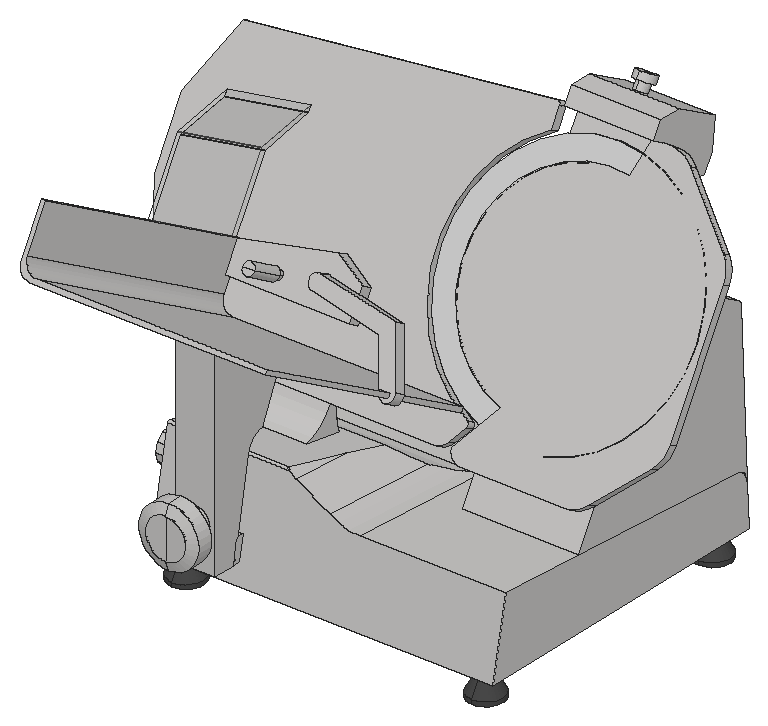
Revit family "QF_ELECTROLUXPROFESSIONAL_603329_FM33B", category Attrezzature speciali, Revit 2020
Family settings
  Quota connettore circolare = Usa diametro
  Tipo di parte = Normale
  Basato su piano di lavoro = No
  Sempre verticale = Sì
  Taglio con vuoti quando caricato = No
  Condiviso = No
  Punto di calcolo locali = No
Parameters (values of type "Standard")
  Weight = 55.00 kg
  Watts = 380 W
  Volts = 230 V
  URL Manufacturer = "https://www.electroluxprofessional.com/"
  URL = "https://www.electroluxprofessional.com/"
  Steam Supply Size = 0 mm
  Steam Supply Minimum Pressure = 0.0 Pa
  Steam Supply Maximum Pressure = 0.0 Pa
  Steam Consumption per Hour = 0
  Refrigeration Suction Line Size = 0 mm
  Refrigeration Liquid Line Size = 0 mm
  Refrigerant Compressor Remote = yes
  Prospetto di default = 0 mm
  Produttore = "Electrolux Professional"
  Phase = 1
  Modello = "FM33B"
  Length Actual = 690 mm  # constant formula
  Item Number = "603329"
  Hot Water Size = 0 mm
  Height Actual = 531 mm  # constant formula
  HP = "0.5 HP"
  Gas Size = 0 mm
  Gas KW = 0
  Gas Input Pressure = 0 W
  Direct Waste Size = 0 mm
  Descrizione = "GRAVITY SLICER 330MM BELT TRANSMISS.AUTO"
  Depth Actual = 578 mm  # constant formula
  Cycle = 50 Hz
  Condensate Return Size = 0 mm
  Compressed Air Volume = 0.0 L/s
  Compressed Air Size = 0 mm
  Compressed Air Pressure = 0.0 Pa
  Cold Water Size = 0 mm
  Accessory = yes
Reference planes
  plane 1 "Back": y = 0
  plane 2: z = 0
  plane 3 "Left": x = 0
  plane 4: through (0, -62.476, 411.876) normal (0, -0.866, 0.5)
  plane 5: x = 120
  plane 6: x = 215
  plane 7: y = -170
  plane 8: y = -340
  plane 9: x = 477.05
  plane 10: x = -32.95
Forms (mm)
  Extrusion 1, solid, material "QF_Finishes_Stainless Steel"
    sketch origin (0, -2.5, 31.651) x (0, 1, 0) y (0, 0, 1)
      loop
        line (-0.369, 54.773) -> (2.502, 0) -> (-408.75, 0) -> (-379.964, 135.425)
        arc (-379.964, 135.425) -> (-378.947, 136.933) -> (-377.168, 137.311) r 2.428
        line (-377.168, 137.311) -> (-251.755, 115.198)
        arc (-251.755, 115.198) -> (-225.646, 95.07) -> (-194.53, 84.181) r 103.428
        line (-194.53, 84.181) -> (-16.605, 71.739)
        arc (-16.605, 71.739) -> (-5.169, 66.467) -> (-0.502, 54.77) r 16.993
    from -5 to 435
  Extrusion 2, solid, material "QF_Finishes_Stainless Steel"
    sketch origin (55, -67.264, 50.401) x (0, 1, 0) y (0, 0, 1)
      loop
        line (-347.59, 5.346) -> (-324.693, 123.141)
        arc (-324.693, 123.141) -> (-316.617, 137.346) -> (-301.594, 143.768) r 25.59
        line (-301.594, 143.768) -> (-267.784, 216.273) -> (-377.59, 279.669) -> (-377.59, 5.346) -> (-347.59, 5.346)
    from 0 to 50
  Extrusion 3, solid, material "QF_Finishes_Stainless Steel"
    sketch origin (410, -5.714, 43.645) x (0, 1, 0) y (0, 0, 1)
      loop
        line (-124.263, 323.092) -> (-266.104, 77.416) -> (-14.133, 59.797)
        arc (-14.133, 59.797) -> (-1.757, 55.516) -> (3.9, 43.705) r 16.993
        line (3.9, 43.705) -> (-6.751, 252.16)
        arc (-6.751, 252.16) -> (-7.604, 254.917) -> (-9.67, 256.931) r 5.854
        line (-9.67, 256.931) -> (-124.263, 323.092)
    from -125 to 25
  Extrusion 4, solid, material "QF_Finishes_Stainless Steel"
    sketch origin (327.292, 11.926, 148.732) x (0, 1, 0) y (0, 0, 1)
      loop
        line (-22.353, 351.363) -> (-78.648, 383.865) -> (-108.648, 383.865) -> (-119.762, 364.616) -> (-97.262, 351.626) -> (-116.148, 318.913) -> (-64.187, 288.913)
        arc (-64.187, 288.913) -> (-52.101, 292.661) -> (-39.728, 290.011) r 25
        line (-39.728, 290.011) -> (-27.228, 311.661) -> (-22.353, 351.363)
    from -42.292 to 72.708
  Extrusion 5, void
    sketch origin (5, -46.787, 20.549) x (1, 0, 0) y (0, 0.069756, 0.997564)
      loop
        line (115, 188.478) -> (115, 130.207)
        arc (115, 130.207) -> (136.492, 127.325) -> (155.359, 116.637) r 57.092
        line (155.359, 116.637) -> (202.989, 94.519)
        arc (202.989, 94.519) -> (222.331, 87.094) -> (242.894, 84.569) r 85
        line (242.894, 84.569) -> (430, 84.569) -> (430, 188.478) -> (115, 188.478)
    from 147.863 to 407.59
  Extrusion 6, solid, material "QF_Finishes_Stainless Steel"
    sketch origin (-842.5, -274.998, 232.003) x (1, 0, 0) y (0, 0.5, 0.866025)
      loop
        line (817.208, 0) -> (1120.225, 0) -> (1120.225, 6.153) -> (823.361, 6.153)
        arc (823.361, 6.153) -> (810.309, 11.559) -> (804.903, 24.611) r 18.458
        line (804.903, 24.611) -> (804.903, 83.084) -> (798.75, 83.084) -> (798.75, 18.458)
        arc (798.75, 18.458) -> (804.156, 5.406) -> (817.208, 0) r 18.458
    from -11.818 to 350.887
  Extrusion 7, solid, material "QF_Finishes_Stainless Steel"
    sketch origin (-910, -273.176, 175.009) x (1, 0, 0) y (0, 0.5, 0.866025)
      loop
        line (743.569, 246.83) -> (743.569, 159.455) -> (776.813, 68.117) -> (900.701, 7.693) -> (1163.574, 7.693)
        arc (1163.574, 7.693) -> (1172.848, 9.919) -> (1180.1, 16.114) r 20.428
        line (1180.1, 16.114) -> (1194.678, 36.177)
        arc (1194.678, 36.177) -> (1195.317, 39.641) -> (1193.024, 42.316) r 4.086
        arc (1193.024, 42.316) -> (1091.792, 190.39) -> (1179.369, 346.929) r 170.235
        line (1179.369, 346.929) -> (1179.369, 373.184)
        arc (1179.369, 373.184) -> (1178.017, 376.22) -> (1174.856, 377.247) r 4.086
        line (1174.856, 377.247) -> (787.311, 336.515) -> (743.569, 246.83)
      loop
        line (1201.597, -3.658) -> (1334.681, -3.658)
        arc (1334.681, -3.658) -> (1350.317, -0.548) -> (1363.571, 8.309) r 40.856
        line (1363.571, 8.309) -> (1421.102, 65.84)
        arc (1421.102, 65.84) -> (1429.959, 79.094) -> (1433.069, 94.73) r 40.856
        line (1433.069, 94.73) -> (1433.069, 264.796)
        arc (1433.069, 264.796) -> (1429.959, 280.431) -> (1421.102, 293.686) r 40.856
        line (1421.102, 293.686) -> (1351.073, 363.715)
        arc (1351.073, 363.715) -> (1337.819, 372.571) -> (1322.184, 375.681) r 40.856
        line (1322.184, 375.681) -> (1297.285, 375.681) -> (1285.559, 332.123)
        arc (1285.559, 332.123) -> (1129.045, 228.153) -> (1225.35, 66.81) r 136.188
        line (1225.35, 66.81) -> (1184.672, 10.82)
        arc (1184.672, 10.82) -> (1190.46, 0.456) -> (1201.597, -3.658) r 17.132
    from 0 to 10
  Extrusion 8, solid, material "QF_Finishes_Handrails and Railings"
    sketch origin (-910, -271.019, 177.32) x (1, 0, 0) y (0, 0.5, 0.866025)
      loop
        circle (1260.569, 194.749) r 134.704
      loop
        circle (1260.569, 194.749) r 164.045
    from 8.048 to 10.048
  Extrusion 9, solid, material "QF_Finishes_Stainless Steel"
    sketch origin (432, 82.133, 440.055) x (0, 0, 1) y (0, 1, 0)
      loop
        line (-392.404, -132.714) -> (-392.404, -152.714) -> (-372.404, -152.714) -> (-372.404, -132.714) -> (-392.404, -132.714)
    from 0 to 2
  Revolve 10, solid, material "QF_Finishes_Black"
    sketch origin (22.5, -2.5, 31.651) x (0, 1, 0) y (0, 0, 1)
      loop
        line (-20, 0) -> (-20, -31.651) -> (2.5, -31.651) -> (2.5, -26.651) -> (-10, -5) -> (-10, 0) -> (-20, 0)
      axis (-20, -31.651) -> (-20, 0)
    angle from 0 to 360
  Extrusion 11, solid, material "QF_Finishes_Stainless Steel"
    sketch origin (-43.75, -39.164, 59.42) x (0, 1, 0) y (0, 0, 1)
      loop
        arc (-226.01, 89.353) -> (-230.064, 105.552) -> (-230.166, 122.25) r 70
        line (-230.166, 122.25) -> (-239.167, 127.447)
        arc (-239.167, 127.447) -> (-254.755, 107.994) -> (-277.798, 98.485) r 50
        line (-277.798, 98.485) -> (-226.01, 89.353)
    from 85.773 to 164.217
  Revolve 12, solid, material "QF_Finishes_Handrails and Railings"
    sketch origin (353.75, -14.878, 102.306) x (0, 1, 0) y (0, 0, 1)
      loop
        line (-103.134, 341.456) -> (-163.134, 237.533) -> (-138.755, 223.458) -> (-118.755, 258.099) -> (-103.134, 341.456)
      axis (-138.755, 223.458) -> (-163.134, 237.533)
    angle from 0 to 360
  Revolve 13, solid, material "QF_Finishes_Black"
    sketch origin (407.5, -2.5, 31.651) x (0, 1, 0) y (0, 0, -1)
      loop
        line (-20, 0) -> (-10, 0) -> (-10, 5) -> (2.5, 26.651) -> (2.5, 31.651) -> (-20, 31.651) -> (-20, 0)
      axis (-20, 31.651) -> (-20, 0)
    angle from 0 to 360
  Revolve 14, solid, material "QF_Finishes_Black"
    sketch origin (22.5, -407.5, 31.651) x (0, -1, 0) y (0, 0, -1)
      loop
        line (-20, 0) -> (-10, 0) -> (-10, 5) -> (2.5, 26.651) -> (2.5, 31.651) -> (-20, 31.651) -> (-20, 0)
      axis (-20, 31.651) -> (-20, 0)
    angle from 0 to 360
  Revolve 15, solid, material "QF_Finishes_Black"
    sketch origin (407.5, -407.5, 31.651) x (0, -1, 0) y (0, 0, 1)
      loop
        line (-20, 0) -> (-20, -31.651) -> (2.5, -31.651) -> (2.5, -26.651) -> (-10, -5) -> (-10, 0) -> (-20, 0)
      axis (-20, -31.651) -> (-20, 0)
    angle from 0 to 360
  Extrusion 16, solid, material "QF_Finishes_Stainless Steel"
    sketch origin (-90, -67.264, 50.401) x (0, 1, 0) y (0, 0, 1)
      loop
        line (-347.59, 5.346) -> (-338.864, 5.346) -> (-332.487, 35.346) -> (-341.758, 35.346) -> (-347.59, 5.346)
    from 145 to 195
  Revolve 17, solid, material "QF_Finishes_Stainless Steel"
    sketch origin (-1014.056, -338.017, -22.167) x (1, 0, 0) y (0, 0, 1)
      loop
        line (1014.056, 171) -> (1011.556, 171) -> (1002.782, 157.226) -> (1002.782, 155.22) -> (999.669, 150.775) -> (999.669, 149.212) -> (995.281, 149.212) -> (995.281, 133) -> (1014.056, 133) -> (1014.056, 171)
      axis (995.281, 133) -> (1014.056, 133)
    angle from 0 to 360
  Extrusion 18, solid, material "QF_Finishes_Stainless Steel"
    sketch origin (-1014.056, -60.45, 46.819) x (0, 1, 0) y (0, 0, 1)
      loop
        line (-288.697, 82.907) -> (-296.745, 74.859) -> (-299.691, 63.865) -> (-296.745, 52.871) -> (-288.697, 44.823) -> (-277.704, 41.877) -> (-266.71, 44.823) -> (-258.662, 52.871) -> (-255.716, 63.865) -> (-258.662, 74.859) -> (-266.71, 82.907) -> (-277.704, 85.852) -> (-288.697, 82.907)
    from 975.281 to 995.281
  Revolve 19, solid, material "QF_Finishes_Stainless Steel"
    sketch origin (335, 11.989, 148.171) x (0, 1, 0) y (0, 0, 1)
      loop
        line (-60.28, 373.26) -> (-53.482, 369.335) -> (-47.768, 379.231) -> (-43.438, 376.731) -> (-38.886, 384.616) -> (-50.014, 391.041) -> (-60.28, 373.26)
      axis (-60.28, 373.26) -> (-50.014, 391.041)
    angle from 0 to 360
  Extrusion 20, solid, material "Vetro Trasparente"
    sketch origin (-1008.675, -154.625, 175.78) x (1, 0, 0) y (0, 0.5, 0.866025)
      loop
        line (959.925, 7.799) -> (964.925, 7.799) -> (964.925, 162.745) -> (1000.743, 213.899) -> (1000.743, 222.616) -> (959.925, 164.322) -> (959.925, 7.799)
    from 120.54 to 276.698
  Revolve 21, solid, material "QF_Finishes_Stainless Steel"
    sketch origin (80, -67.264, 50.401) x (0, 1, 0) y (0, 0, 1)
      loop
        line (-377.59, 60.846) -> (-377.59, 78.816) -> (-395.099, 78.816) -> (-400.656, 99.554) -> (-419.582, 99.554) -> (-424.967, 86.868) -> (-424.967, 60.846) -> (-377.59, 60.846)
      axis (-377.59, 60.846) -> (-424.967, 60.846)
    angle from 0 to 360
  Extrusion 22, solid, material "QF_Finishes_Stainless Steel"
    sketch origin (-1120.747, -453.155, 112.106) x (1, 0, 0) y (0, 0.5, 0.866025)
      loop
        line (1157.755, 287.815) -> (1157.755, 247.815) -> (1317.755, 247.815) -> (1317.755, 287.815) -> (1278.255, 310.62) -> (1157.755, 287.815)
    from 0 to 15
  Extrusion 23, solid, material "QF_Finishes_Stainless Steel"
    sketch origin (-1123.247, -466.146, 119.606) x (1, 0, 0) y (0, 0.5, 0.866025)
      loop
        arc (1278.158, 286.028) -> (1266.573, 277.917) -> (1274.685, 266.332) r 10
        line (1274.685, 266.332) -> (1366.873, 250.077) -> (1389.061, 193.545)
        arc (1389.061, 193.545) -> (1402.023, 187.89) -> (1407.678, 200.852) r 10
        line (1407.678, 200.852) -> (1381.393, 267.825) -> (1278.158, 286.028)
    from 0 to 15
  Revolve 24, solid, material "QF_Finishes_Stainless Steel"
    sketch origin (-1120.747, -319.248, 344.04) x (1, 0, 0) y (0, 0.866025, -0.5)
      loop
        line (1217.755, -15) -> (1217.755, -70) -> (1225.755, -70) -> (1225.755, -25) -> (1222.755, -25) -> (1222.755, -15) -> (1217.755, -15)
      axis (1217.755, -15) -> (1217.755, -70)
    angle from 0 to 360
Cuts and joins
  Extrusion 5 cuts Extrusion 1
  joined: Extrusion 7, Extrusion 11
Dimensions and locks
  locked: Extrusion 3 to Extrusion 3 at 150
  locked: plane 5 to plane 3 "Left" at 120
  equal spacing: cut or joined group of Extrusion 1, Extrusion 5, plane 6, cut or joined group of Extrusion 1, Extrusion 5
  equal spacing: plane 1 "Back", plane 7, plane 8
  locked: Extrusion 2 to Revolve 21 at 7.03
  plane 10 to plane 9 = 510 mm
  plane 3 "Left" to cut or joined group of Extrusion 1, Extrusion 5 = 435 mm
  plane 1 "Back" to Extrusion 6 = 575.799 mm
  Extrusion 6 to level = 479.4 mm
  Extrusion 4 to level = 532.597 mm
  cut or joined group of Extrusion 7, Extrusion 11 to cut or joined group of Extrusion 7, Extrusion 11 = 689.5 mm
  Extrusion 11 sketch curve to Extrusion 11 sketch curve = 10.394 mm
  Extrusion 7 sketch curve to Extrusion 7 sketch curve = 689.5 mm
  aligned and locked: level to plane 2
  aligned and locked: cut or joined group of Extrusion 1, Extrusion 5 to Extrusion 3
  aligned and locked: Extrusion 1 to Extrusion 5
  aligned and locked: Extrusion 5 to plane 5
  aligned and locked: Extrusion 4 to Extrusion 3
  aligned and locked: Extrusion 16 to Extrusion 2
  aligned and locked: Extrusion 2 to Extrusion 16
  aligned and locked: Extrusion 18 to Revolve 17
  aligned and locked: Extrusion 11 sketch curve to cut or joined group of Extrusion 7, Extrusion 11
Automatic sketch dimensions
  plane 4 to Extrusion 4 sketch curve = 64.038 mm  (x3)
  plane 7 to Extrusion 4 sketch curve = 62.164 mm
  Extrusion 4 sketch curve to Extrusion 4 sketch curve = 3.613 mm
  Extrusion 4 sketch curve to Extrusion 4 sketch curve = 11.113 mm
  Extrusion 4 sketch curve to Extrusion 4 sketch curve = 22.5 mm
  Extrusion 4 sketch curve to Extrusion 4 sketch curve = 51.962 mm
  Extrusion 4 sketch curve to Extrusion 4 sketch curve = 13.206 mm
  Extrusion 4 sketch curve to Extrusion 4 sketch curve = 24.459 mm
  Extrusion 4 sketch curve to Extrusion 4 sketch curve = 12.5 mm
  plane 1 "Back" to Extrusion 4 sketch curve = 10.427 mm
  Extrusion 4 sketch curve to Extrusion 4 sketch curve = 21.227 mm
  Extrusion 4 sketch curve to Extrusion 4 sketch curve = 21.651 mm
  Extrusion 4 sketch curve to Extrusion 4 sketch curve = 39.702 mm
  level to Revolve 10 sketch curve = 31.651 mm
  plane 1 "Back" to Revolve 10 sketch curve = 22.5 mm
  Revolve 10 sketch curve to Revolve 10 sketch curve = 10 mm  (x2)
  Revolve 10 sketch curve to plane 1 "Back" = 0 mm
  Revolve 10 sketch curve to Revolve 10 sketch curve = 5 mm  (x2)
  Revolve 10 sketch curve to Revolve 10 sketch curve = 21.651 mm
  Revolve 10 sketch curve to Revolve 10 sketch curve = 10.825 mm
  level to Revolve 10 sketch curve = 45.018 mm
  level to Revolve 13 sketch curve = 31.651 mm
  plane 1 "Back" to Revolve 13 sketch curve = 22.5 mm
  Revolve 13 sketch curve to Revolve 13 sketch curve = 10 mm  (x2)
  Revolve 13 sketch curve to plane 1 "Back" = 0 mm
  Revolve 13 sketch curve to Revolve 13 sketch curve = 5 mm  (x2)
  Revolve 13 sketch curve to Revolve 13 sketch curve = 21.651 mm
  level to Revolve 13 sketch curve = 45.018 mm
  Revolve 13 sketch curve to Revolve 13 sketch curve = 10.825 mm
  level to Revolve 14 sketch curve = 31.651 mm
  plane 8 to Revolve 14 sketch curve = 47.5 mm
  Revolve 14 sketch curve to Revolve 14 sketch curve = 10 mm  (x2)
  plane 8 to Revolve 14 sketch curve = 70 mm
  Revolve 14 sketch curve to Revolve 14 sketch curve = 5 mm  (x2)
  Revolve 14 sketch curve to Revolve 14 sketch curve = 21.651 mm
  level to Revolve 14 sketch curve = 45.018 mm
  Revolve 14 sketch curve to Revolve 14 sketch curve = 10.825 mm
  level to Revolve 15 sketch curve = 31.651 mm
  plane 8 to Revolve 15 sketch curve = 47.5 mm
  Revolve 15 sketch curve to Revolve 15 sketch curve = 10 mm  (x2)
  plane 8 to Revolve 15 sketch curve = 70 mm
  Revolve 15 sketch curve to Revolve 15 sketch curve = 5 mm  (x2)
  Revolve 15 sketch curve to Revolve 15 sketch curve = 21.651 mm
  Revolve 15 sketch curve to Revolve 15 sketch curve = 10.825 mm
  level to Revolve 15 sketch curve = 45.018 mm
  plane 8 to Extrusion 16 sketch curve = 66.128 mm
  plane 8 to Extrusion 16 sketch curve = 59.751 mm
  level to Extrusion 16 sketch curve = 55.747 mm
  Extrusion 16 sketch curve to Extrusion 16 sketch curve = 30 mm
  plane 8 to Extrusion 16 sketch curve = 69.022 mm
  plane 8 to Extrusion 16 sketch curve = 74.854 mm
  level to Extrusion 9 sketch curve = 47.651 mm
  level to Extrusion 9 sketch curve = 67.651 mm
  Extrusion 9 sketch curve to plane 8 = 269.42 mm
  Extrusion 9 sketch curve to Extrusion 9 sketch curve = 20 mm
  plane 1 "Back" to Revolve 19 sketch curve = 48.291 mm
  Revolve 19 sketch curve to Revolve 19 sketch curve = 6.798 mm
  Revolve 19 sketch curve to Revolve 19 sketch curve = 10.266 mm
  Revolve 19 sketch curve to Revolve 19 sketch curve = 5.714 mm
  Revolve 19 sketch curve to Revolve 19 sketch curve = 4.33 mm  (x2)
  level to Revolve 19 sketch curve = 517.506 mm
  Revolve 19 sketch curve to Revolve 19 sketch curve = 3.925 mm
  Revolve 19 sketch curve to Revolve 19 sketch curve = 2.5 mm
  Revolve 19 sketch curve to Revolve 19 sketch curve = 4.081 mm
  Revolve 19 sketch curve to Revolve 19 sketch curve = 7.069 mm
  plane 8 to Revolve 21 sketch curve = 152.231 mm
  Revolve 21 sketch curve to Revolve 21 sketch curve = 5.385 mm
  Revolve 21 sketch curve to Revolve 21 sketch curve = 18.926 mm
  Revolve 21 sketch curve to Revolve 21 sketch curve = 5.557 mm
  Revolve 21 sketch curve to Revolve 21 sketch curve = 17.51 mm
  Revolve 21 sketch curve to Revolve 21 sketch curve = 24.915 mm
  Revolve 21 sketch curve to Revolve 21 sketch curve = 8.03 mm
  level to Revolve 21 sketch curve = 111.247 mm
  Revolve 21 sketch curve to Revolve 21 sketch curve = 17.97 mm  (x2)
  Revolve 21 sketch curve to Revolve 21 sketch curve = 26.022 mm
  Revolve 21 sketch curve to Revolve 21 sketch curve = 12.686 mm
  level to Extrusion 1 sketch curve = 31.651 mm
  plane 8 to Extrusion 1 sketch curve = 71.25 mm
  plane 8 to Extrusion 1 sketch curve = 42.464 mm
  Extrusion 1 sketch curve to Extrusion 1 sketch curve = 2.374 mm
  Extrusion 1 sketch curve to Extrusion 1 sketch curve = 0.422 mm
  Extrusion 1 sketch curve to plane 7 = 84.255 mm
  Extrusion 1 sketch curve to plane 7 = 27.03 mm
  Extrusion 1 sketch curve to plane 7 = 8.86 mm
  plane 1 "Back" to Extrusion 1 sketch curve = 19.995 mm
  Extrusion 1 sketch curve to Extrusion 1 sketch curve = 0.889 mm
  Extrusion 1 sketch curve to plane 1 "Back" = 0.002 mm
  Extrusion 1 sketch curve to Extrusion 1 sketch curve = 54.77 mm
  Extrusion 1 sketch curve to Extrusion 1 sketch curve = 16.969 mm
  level to Extrusion 1 sketch curve = 115.831 mm
  Extrusion 1 sketch curve to Extrusion 1 sketch curve = 31.017 mm
  Extrusion 1 sketch curve to Extrusion 1 sketch curve = 19.723 mm
  Extrusion 1 sketch curve to Extrusion 1 sketch curve = 0.505 mm
  Extrusion 1 sketch curve to Extrusion 1 sketch curve = 0.133 mm
  Extrusion 1 sketch curve to Extrusion 1 sketch curve = 0.003 mm
  Extrusion 3 sketch curve to plane 8 = 68.182 mm
  plane 7 to Extrusion 3 sketch curve = 40.023 mm
  plane 1 "Back" to Extrusion 3 sketch curve = 18.784 mm
  Extrusion 3 sketch curve to Extrusion 3 sketch curve = 1.063 mm
  plane 1 "Back" to Extrusion 3 sketch curve = 18.311 mm
  Extrusion 3 sketch curve to Extrusion 3 sketch curve = 2.927 mm
  Extrusion 3 sketch curve to Extrusion 3 sketch curve = 2.919 mm
  plane 1 "Back" to Extrusion 3 sketch curve = 1.814 mm
  level to Extrusion 3 sketch curve = 86.482 mm
  Extrusion 3 sketch curve to Extrusion 3 sketch curve = 0.867 mm
  level to Extrusion 3 sketch curve = 121.061 mm
  Extrusion 3 sketch curve to Extrusion 3 sketch curve = 192.065 mm
  Extrusion 3 sketch curve to Extrusion 3 sketch curve = 0.299 mm
  Extrusion 5 sketch curve to plane 5 = 0 mm
  plane 5 to Extrusion 5 sketch curve = 3.296 mm
  plane 5 to Extrusion 5 sketch curve = 40.359 mm
  plane 6 to Extrusion 5 sketch curve = 7.011 mm
  Extrusion 5 sketch curve to plane 6 = 32.894 mm
  Extrusion 5 sketch curve to plane 9 = 42.05 mm
  Extrusion 5 sketch curve to Extrusion 5 sketch curve = 11.36 mm
  Extrusion 5 sketch curve to Extrusion 5 sketch curve = 9.949 mm
  Extrusion 5 sketch curve to Extrusion 5 sketch curve = 43.427 mm
  Extrusion 5 sketch curve to Extrusion 5 sketch curve = 58.271 mm
  Extrusion 7 sketch curve to Extrusion 7 sketch curve = 0 mm  (x3)
  Extrusion 7 sketch curve to plane 3 "Left" = 133.187 mm
  Extrusion 7 sketch curve to plane 3 "Left" = 122.689 mm
  Extrusion 7 sketch curve to plane 5 = 129.299 mm
  Extrusion 7 sketch curve to plane 9 = 223.476 mm
  Extrusion 7 sketch curve to plane 9 = 212.194 mm
  Extrusion 7 sketch curve to Extrusion 7 sketch curve = 0.427 mm
  Extrusion 7 sketch curve to Extrusion 7 sketch curve = 4.086 mm
  Extrusion 7 sketch curve to Extrusion 7 sketch curve = 16.527 mm
  Extrusion 7 sketch curve to Extrusion 7 sketch curve = 4.571 mm
  Extrusion 7 sketch curve to Extrusion 7 sketch curve = 11.272 mm
  Extrusion 7 sketch curve to Extrusion 7 sketch curve = 3.305 mm
  Extrusion 7 sketch curve to Extrusion 7 sketch curve = 16.925 mm
  Extrusion 7 sketch curve to plane 9 = 161.699 mm
  Extrusion 7 sketch curve to plane 9 = 125.193 mm
  Extrusion 7 sketch curve to plane 9 = 101.491 mm
  Extrusion 7 sketch curve to Extrusion 7 sketch curve = 11.726 mm
  Extrusion 7 sketch curve to Extrusion 7 sketch curve = 24.898 mm
  Extrusion 7 sketch curve to plane 9 = 52.368 mm
  Extrusion 7 sketch curve to Extrusion 7 sketch curve = 28.89 mm  (x5)
  Extrusion 7 sketch curve to Extrusion 7 sketch curve = 57.531 mm  (x2)
  Extrusion 7 sketch curve to Extrusion 7 sketch curve = 70.029 mm
  Extrusion 7 sketch curve to Extrusion 7 sketch curve = 11.967 mm  (x2)
  Extrusion 7 sketch curve to Extrusion 7 sketch curve = 11.35 mm
  Extrusion 7 sketch curve to Extrusion 7 sketch curve = 3.128 mm
  Extrusion 7 sketch curve to Extrusion 7 sketch curve = 5.293 mm
  Extrusion 7 sketch curve to Extrusion 7 sketch curve = 22.703 mm
  Extrusion 7 sketch curve to Extrusion 7 sketch curve = 2.401 mm
  Extrusion 7 sketch curve to Extrusion 7 sketch curve = 30.633 mm
  Extrusion 7 sketch curve to Extrusion 7 sketch curve = 60.424 mm
  Extrusion 7 sketch curve to Extrusion 7 sketch curve = 91.338 mm
  Extrusion 7 sketch curve to Extrusion 7 sketch curve = 131.204 mm
  Extrusion 7 sketch curve to Extrusion 7 sketch curve = 87.375 mm
  Extrusion 7 sketch curve to Extrusion 7 sketch curve = 67.327 mm
  Extrusion 7 sketch curve to Extrusion 7 sketch curve = 2.701 mm
  Extrusion 7 sketch curve to Extrusion 7 sketch curve = 89.684 mm
  Extrusion 7 sketch curve to Extrusion 7 sketch curve = 14.806 mm
  Extrusion 7 sketch curve to Extrusion 7 sketch curve = 26.255 mm
  Revolve 17 sketch curve to plane 3 "Left" = 0 mm
  Revolve 17 sketch curve to plane 3 "Left" = 2.5 mm
  Revolve 17 sketch curve to plane 3 "Left" = 11.274 mm
  Revolve 17 sketch curve to Revolve 17 sketch curve = 3.113 mm
  Revolve 17 sketch curve to plane 10 = 14.176 mm
  level to Revolve 17 sketch curve = 110.833 mm
  Revolve 17 sketch curve to Revolve 17 sketch curve = 16.212 mm
  Revolve 17 sketch curve to Revolve 17 sketch curve = 1.562 mm
  Revolve 17 sketch curve to Revolve 17 sketch curve = 4.446 mm
  Revolve 17 sketch curve to Revolve 17 sketch curve = 2.006 mm
  Revolve 17 sketch curve to Revolve 17 sketch curve = 13.774 mm
  Revolve 17 sketch curve to plane 3 "Left" = 9.387 mm
  plane 3 "Left" to Revolve 17 sketch curve = 48.874 mm
  Revolve 17 sketch curve to Revolve 17 sketch curve = 0 mm
  Extrusion 20 sketch curve to plane 3 "Left" = 48.75 mm
  Extrusion 20 sketch curve to Extrusion 20 sketch curve = 5 mm
  Extrusion 20 sketch curve to plane 5 = 127.932 mm
  Extrusion 20 sketch curve to Extrusion 20 sketch curve = 154.946 mm
  Extrusion 20 sketch curve to Extrusion 20 sketch curve = 1.576 mm
  Extrusion 20 sketch curve to Extrusion 20 sketch curve = 51.153 mm
  Extrusion 20 sketch curve to Extrusion 20 sketch curve = 8.717 mm
  Extrusion 22 sketch curve to plane 5 = 82.992 mm
  plane 6 to Extrusion 22 sketch curve = 57.492 mm
  plane 6 to Extrusion 22 sketch curve = 17.992 mm
  Extrusion 22 sketch curve to Extrusion 22 sketch curve = 40 mm  (x2)
  Extrusion 22 sketch curve to Extrusion 22 sketch curve = 22.805 mm
  plane 6 to Extrusion 23 sketch curve = 63.562 mm
  Extrusion 23 sketch curve to Extrusion 23 sketch curve = 1.736 mm  (x2)
  Extrusion 23 sketch curve to plane 6 = 28.626 mm
  Extrusion 23 sketch curve to Extrusion 23 sketch curve = 14.519 mm
  Extrusion 23 sketch curve to Extrusion 23 sketch curve = 22.187 mm
  Extrusion 23 sketch curve to Extrusion 23 sketch curve = 9.309 mm  (x2)
  Extrusion 23 sketch curve to Extrusion 23 sketch curve = 3.653 mm
  Extrusion 23 sketch curve to Extrusion 23 sketch curve = 56.531 mm
  Extrusion 23 sketch curve to Extrusion 23 sketch curve = 16.255 mm
  Extrusion 23 sketch curve to Extrusion 23 sketch curve = 17.748 mm
  Extrusion 23 sketch curve to Extrusion 23 sketch curve = 9.848 mm
  Revolve 24 sketch curve to plane 5 = 22.992 mm  (x2)
  Revolve 24 sketch curve to Revolve 24 sketch curve = 5 mm
  Revolve 24 sketch curve to Revolve 24 sketch curve = 8 mm
  plane 4 to Revolve 24 sketch curve = 258.453 mm
  Revolve 24 sketch curve to Revolve 24 sketch curve = 45 mm
  Revolve 24 sketch curve to Revolve 24 sketch curve = 10 mm
  Revolve 24 sketch curve to Revolve 24 sketch curve = 15 mm  (x2)
  Revolve 12 sketch curve to plane 7 = 8.012 mm
  plane 7 to Revolve 12 sketch curve = 16.367 mm
  plane 7 to Revolve 12 sketch curve = 36.367 mm
  Revolve 12 sketch curve to Revolve 12 sketch curve = 14.075 mm
  plane 7 to Revolve 12 sketch curve = 11.927 mm
  Revolve 12 sketch curve to Revolve 12 sketch curve = 0 mm  (x2)
  plane 7 to Revolve 12 sketch curve = 51.988 mm
  Revolve 12 sketch curve to Revolve 12 sketch curve = 2.564 mm
  Extrusion 8 sketch curve to Extrusion 8 sketch curve = 0 mm  (x2)
  Extrusion 8 sketch curve to plane 9 = 126.481 mm
  plane 10 to Extrusion 6 sketch curve = 10.8 mm
  plane 10 to Extrusion 6 sketch curve = 4.647 mm
  Extrusion 6 sketch curve to plane 10 = 7.658 mm
  Extrusion 6 sketch curve to Extrusion 6 sketch curve = 6.153 mm  (x2)
  Extrusion 6 sketch curve to plane 6 = 62.725 mm
  Extrusion 6 sketch curve to Extrusion 6 sketch curve = 58.473 mm
  plane 8 to Extrusion 2 sketch curve = 104.854 mm
  Extrusion 2 sketch curve to Extrusion 2 sketch curve = 30 mm
  plane 8 to Extrusion 2 sketch curve = 26.837 mm
  Extrusion 2 sketch curve to plane 8 = 4.952 mm
  level to Extrusion 2 sketch curve = 55.747 mm
  Extrusion 2 sketch curve to Extrusion 2 sketch curve = 112.913 mm
  Extrusion 2 sketch curve to Extrusion 2 sketch curve = 98.014 mm
  Extrusion 2 sketch curve to Extrusion 2 sketch curve = 63.396 mm
  Extrusion 2 sketch curve to Extrusion 2 sketch curve = 25.119 mm
  Extrusion 2 sketch curve to Extrusion 2 sketch curve = 2.02 mm
  Extrusion 2 sketch curve to Extrusion 2 sketch curve = 4.883 mm
  level to Revolve 12 sketch curve = 325.763 mm
  Extrusion 11 sketch curve to plane 8 = 16.088 mm
  Extrusion 11 sketch curve to plane 8 = 23.038 mm
  Extrusion 11 sketch curve to plane 7 = 29.78 mm
  Extrusion 11 sketch curve to Extrusion 11 sketch curve = 7.925 mm
  Extrusion 11 sketch curve to Extrusion 11 sketch curve = 28.962 mm
  Extrusion 11 sketch curve to Extrusion 11 sketch curve = 4.156 mm
  Extrusion 11 sketch curve to Extrusion 11 sketch curve = 32.897 mm
  radius of Extrusion 8 sketch curve = 134.704 mm
  radius of Extrusion 8 sketch curve = 164.045 mm
Nested families
  nested 1: "BOTTONI_AFFETTATRICE" at (-5, -62.14, 69.752) x (0, -1, 0) z (-1, 0, 0), type "BOTTONI_AFFETTATRICE"
Connectors
  electrical at (432, -60.58, 57.651)
    settings: on Extrusion 9, index 6, voltage 230 V, apparent load 0 VA, apparent load phase1 0 VA, apparent load phase2 0 VA, apparent load phase3 0 VA, power factor 1, load classification "Altro", number of poles 1, system type 30, power factor state 1, is connector primary yes, connector utility no, sub classification motor no, connector description "EI"
Definition of nested family "BOTTONI_AFFETTATRICE"
  Parameters
    Default Elevation = 1219.2 mm
  Reference planes
    plane 1 "Centro (Fronte/Retro)": y = 0
    plane 2: z = 0
    plane 3 "Centro (Sinistra/Destra)": x = 0
  Forms (mm)
    Extrusion 1, solid
      sketch origin (0, 0, 0) x (1, 0, 0) y (0, 1, 0)
        loop
          line (-1219.2, 1219.2) -> (-1219.2, -1219.2) -> (1219.2, -1219.2) -> (1219.2, 1219.2) -> (-1219.2, 1219.2)
      from 0 to -304.8
    Extrusion 2, solid
      sketch origin (-44.465, -72.307, 0.362) x (1, 0, 0) y (0, 1, 0)
        loop
          line (21.965, 84.807) -> (21.965, 59.807) -> (66.965, 59.807) -> (66.965, 84.807) -> (21.965, 84.807)
      from -0.362 to 1.638
    Extrusion 3, solid
      sketch origin (-44.465, -72.307, -2.905) x (1, 0, 0) y (0, 1, 0)
        loop
          line (21.965, 84.807) -> (21.965, 59.807) -> (38.371, 59.807) -> (38.371, 84.807) -> (21.965, 84.807)
        loop
          line (50.518, 84.807) -> (50.518, 59.807) -> (66.965, 59.807) -> (66.965, 84.807) -> (50.518, 84.807)
      from 4.905 to 17.905
    Extrusion 4, solid
      sketch origin (-44.465, -72.307, -4) x (1, 0, 0) y (0, 1, 0)
        loop
          line (24.791, 81.807) -> (24.791, 62.807) -> (34.791, 62.807) -> (34.791, 81.807) -> (24.791, 81.807)
      from 6 to 20
    Extrusion 5, solid
      sketch origin (44.465, -72.307, 0) x (-1, 0, 0) y (0, -1, 0)
        loop
          line (24.791, -81.807) -> (34.791, -81.807) -> (34.791, -62.807) -> (24.791, -62.807) -> (24.791, -81.807)
      from 2 to 16
  Dimensions and locks
    aligned and locked: plane 2 to Extrusion 1
    aligned and locked: level to Extrusion 1
